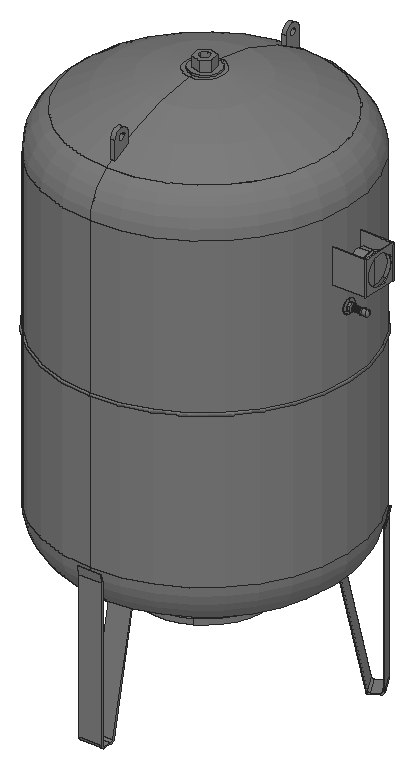
Revit family "MIT-300-ET (Vertical)", category Specialty Equipment, Revit 2022
Family settings
  Round Connector Dimension = Use Diameter
  Part Type = Normal
  Work Plane-Based = No
  Always vertical = Yes
  Cut with Voids When Loaded = No
  Maintain Annotation Orientation = No
  Shared = No
  Room Calculation Point = No
Parameters
  URL = "https://en.ekinendustriyel.com/expansion-tanks"
  Test Pressure = 15.0 bar
  Production Standard = "TS EN 13831"
  Precharge Pressure = 4.0 bar
  Operating Pressure = 10.0 bar
  Model = "MIT-300-ET_(Vertical)"
  Manufacturer = "Ekin Endüstriyel"
  Keynote = "Expension Tank"
  Description = "MIT-Expension Tank"
  Default Elevation = 0 mm
Reference planes
  plane 1 "Center (Front/Back)": y = 0
  plane 2: z = 0
  plane 3 "Center (Left/Right)": x = 0
Forms (mm)
  Revolve 1, solid, material "Ekin Endustriyel-S235JR", detail levels medium+fine
    sketch origin (0, -6556.149, 0) x (0, 1, 0) y (0, 0, 1)
      loop
        line (6556.149, 1204.993) -> (6556.149, 1203.168) -> (6603.573, 1203.168)
        arc (6603.573, 1203.168) -> (6719.67, 1176.286) -> (6826.655, 1123.795) r 522.462
        arc (6826.655, 1123.795) -> (6857.454, 1092.556) -> (6871.842, 1051.114) r 99.588
        line (6871.842, 1051.114) -> (6871.842, 340.267)
        arc (6871.842, 340.267) -> (6857.568, 299.058) -> (6827.023, 267.93) r 99.369
        arc (6827.023, 267.93) -> (6746.92, 225.626) -> (6660.663, 197.953) r 516.999
        arc (6660.663, 197.953) -> (6651.851, 191.649) -> (6642.458, 186.249) r 109.367
        line (6642.458, 186.249) -> (6556.149, 186.249) -> (6556.149, 184.392) -> (6643.149, 184.392)
        arc (6643.149, 184.392) -> (6653.737, 190.332) -> (6663.61, 197.397) r 110.567
        arc (6663.61, 197.397) -> (6748.653, 225.055) -> (6827.674, 266.922) r 518.199
        arc (6827.674, 266.922) -> (6861.424, 303.303) -> (6873.667, 351.394) r 100.569
        line (6873.667, 351.394) -> (6873.667, 692.535)
        arc (6873.667, 692.535) -> (6876.671, 695.535) -> (6873.667, 698.535) r 3
        line (6873.667, 698.535) -> (6873.667, 1039.975)
        arc (6873.667, 1039.975) -> (6861.32, 1088.312) -> (6827.303, 1124.806) r 100.788
        arc (6827.303, 1124.806) -> (6717.295, 1178.396) -> (6597.853, 1204.993) r 523.662
        line (6597.853, 1204.993) -> (6556.149, 1204.993)
      axis (6556.149, 184.392) -> (6556.149, 1204.993)
    angle from 0 to 360
  Extrusion 2, solid, material "Ekin Endustriyel-S235JR", detail levels coarse
    sketch origin (-644.844, -1530.791, 218.125) x (1, 0, 0) y (0, 1, 0)
      loop
        circle (644.844, 1530.791) r 132.589
    from -44.733 to -33.733
  Revolve 3, solid, material "Ekin Endustriyel-S235JR", detail levels fine
    sketch origin (1889.764, 0.041, 138.414) x (1, 0, 0) y (0, 0, 1)
      loop
        line (-1909.516, 0.978) -> (-1909.516, 34.978) -> (-1914.607, 34.978)
        arc (-1914.607, 34.978) -> (-1913.916, 34.553) -> (-1913.765, 33.756) r 1.003
        line (-1913.765, 33.756) -> (-1912.65, 32.85) -> (-1913.876, 31.854) -> (-1912.65, 30.858) -> (-1913.876, 29.861) -> (-1912.65, 28.865) -> (-1913.876, 27.869) -> (-1912.65, 26.873) -> (-1913.876, 25.876) -> (-1912.65, 24.88) -> (-1913.876, 23.884) -> (-1912.65, 22.888) -> (-1913.876, 21.892) -> (-1912.65, 20.895) -> (-1913.876, 19.899) -> (-1912.65, 18.903) -> (-1913.876, 17.907) -> (-1912.65, 16.91) -> (-1913.876, 15.914) -> (-1912.65, 14.918) -> (-1913.876, 13.922) -> (-1912.65, 12.926) -> (-1913.876, 11.929) -> (-1912.65, 10.933) -> (-1913.876, 9.937) -> (-1912.65, 8.941) -> (-1913.876, 7.944) -> (-1912.65, 6.948) -> (-1913.876, 5.952) -> (-1912.65, 4.956) -> (-1913.876, 3.96) -> (-1912.65, 2.963) -> (-1913.876, 1.967) -> (-1912.658, 0.978) -> (-1909.516, 0.978)
      axis (-1890, 34.978) -> (-1890, 0.978)
    angle from 0 to 360
  Extrusion 4, solid, material "Ekin Endustriyel-S235JR", detail levels fine
    sketch origin (-644.844, -1530.791, 249.125) x (0, 1, 0) y (1, 0, 0)
      loop
        line (1631.195, 593.634) -> (1625.356, 598.196) -> (1618.486, 595.42) -> (1617.455, 588.083) -> (1623.294, 583.521) -> (1630.164, 586.297) -> (1631.195, 593.634)
      loop
        line (1536.644, 532.287) -> (1537.675, 539.624) -> (1531.836, 544.186) -> (1524.966, 541.41) -> (1523.935, 534.073) -> (1529.774, 529.511) -> (1536.644, 532.287)
      loop
        line (1430.387, 696.054) -> (1436.226, 691.492) -> (1443.096, 694.267) -> (1444.127, 701.605) -> (1438.288, 706.167) -> (1431.418, 703.391) -> (1430.387, 696.054)
      loop
        line (1524.938, 757.401) -> (1523.907, 750.064) -> (1529.745, 745.502) -> (1536.615, 748.278) -> (1537.647, 755.615) -> (1531.808, 760.177) -> (1524.938, 757.401)
      loop
        line (1436.24, 583.496) -> (1443.11, 586.272) -> (1444.141, 593.61) -> (1438.302, 598.171) -> (1431.432, 595.396) -> (1430.401, 588.058) -> (1436.24, 583.496)
      loop
        line (1625.342, 706.191) -> (1618.472, 703.416) -> (1617.441, 696.078) -> (1623.279, 691.517) -> (1630.149, 694.292) -> (1631.181, 701.63) -> (1625.342, 706.191)
    from 75.733 to 80.849
  Extrusion 5, solid, material "Ekin Endustriyel-S235JR", detail levels fine
    sketch origin (-644.844, -1530.791, 211.633) x (1, 0, 0) y (0, 1, 0)
      loop
        circle (590.707, 1624.56) r 4
      loop
        circle (536.569, 1530.791) r 4
      loop
        circle (590.707, 1437.022) r 4
      loop
        circle (698.981, 1437.022) r 4
      loop
        circle (753.119, 1530.791) r 4
      loop
        circle (698.981, 1624.56) r 4
    from -23.193 to -38.241
  Extrusion 6, solid, material "Ekin Endustriyel-S235JR", detail levels medium
    sketch origin (1329.764, -1405.316, 169.414) x (0, 1, 0) y (1, 0, 0)
      loop
        circle (1405.357, -1330) r 24.607
      loop
        circle (1405.357, -1330) r 19.516
    from 30.022 to -3.978
  Extrusion 7, solid, material "Ekin Endustriyel-S235JR", detail levels coarse
    sketch origin (1329.764, -1405.316, 169.414) x (0, 1, 0) y (1, 0, 0)
      loop
        arc (1380.75, -1330) -> (1392.855, -1351.194) -> (1417.261, -1351.537) r 24.607
        arc (1417.261, -1351.537) -> (1417.859, -1308.806) -> (1380.75, -1330) r 24.607
    from -3.978 to 30.022
  Extrusion 8, solid, material "Ekin Endustriyel-S235JR", detail levels medium+fine
    sketch origin (-644.844, -2335.791, 249.125) x (0, 1, 0) y (1, 0, 0)
      loop
        circle (2335.791, 644.844) r 132.589
      loop
        circle (2242.056, 698.962) r 4
      loop
        circle (2335.791, 753.079) r 4
      loop
        circle (2429.526, 698.962) r 4
      loop
        circle (2429.526, 590.726) r 4
      loop
        circle (2335.791, 536.608) r 4
      loop
        circle (2242.056, 590.726) r 4
    from 75.733 to 64.559
  Extrusion 9, solid, material "Ekin Endustriyel-S235JR", detail levels coarse
    sketch origin (1795.392, -6531.149, 42.174) x (0, 1, 0) y (-1, 0, 0)
      loop
        circle (6531.149, 1795.392) r 320
    from 142.217 to 1162.819
  Extrusion 10, solid, material "Ekin Endustriyel-S235JR", detail levels fine
    sketch origin (0.852, -3486.149, 0) x (0, 1, 0) y (0, 0, 1)
      loop
        line (3741.121, 1134.517) -> (3741.121, 1174.516)
        arc (3741.121, 1174.516) -> (3723.605, 1192.031) -> (3706.09, 1174.516) r 17.516
        line (3706.09, 1174.516) -> (3706.09, 1153.451)
        arc (3706.09, 1153.451) -> (3723.872, 1144.478) -> (3741.121, 1134.517) r 353.637
      loop
        circle (3723.527, 1174.516) r 8
      loop
        arc (3231.176, 1134.517) -> (3248.425, 1144.478) -> (3266.208, 1153.451) r 353.637
        line (3266.208, 1153.451) -> (3266.208, 1174.516)
        arc (3266.208, 1174.516) -> (3248.692, 1192.031) -> (3231.176, 1174.516) r 17.516
        line (3231.176, 1174.516) -> (3231.176, 1134.517)
      loop
        circle (3248.77, 1174.516) r 8
    from -5.669 to 3.965
  Extrusion 11, solid, material "Ekin Endustriyel-S235JR", detail levels medium+fine
    sketch origin (3869.844, -4745.827, 1207.812) x (0, 1, 0) y (-1, 0, 0)
      loop
        circle (4745.469, 3869.844) r 11
      loop
        line (4730.56, 3886.032) -> (4723.995, 3865.027) -> (4738.903, 3848.838) -> (4760.377, 3853.655) -> (4766.943, 3874.661) -> (4752.034, 3890.849) -> (4730.56, 3886.032)
    from 0.181 to 23
  Extrusion 12, solid, material "Ekin Endustriyel-S235JR", detail levels coarse
    sketch origin (3869.844, -4745.827, 1207.812) x (0, 1, 0) y (-1, 0, 0)
      loop
        line (4730.56, 3886.032) -> (4723.995, 3865.027) -> (4738.903, 3848.838) -> (4760.377, 3853.655) -> (4766.943, 3874.661) -> (4752.034, 3890.849) -> (4730.56, 3886.032)
    from -2.819 to 23
  Extrusion 13, solid, material "Ekin Endustriyel-S235JR", detail levels medium+fine
    sketch origin (2.097, -20.931, 0) x (-0.866025, 0.5, 0) y (0, 0, 1)
      loop
        line (330.282, 330.355) -> (333.717, 348.024) -> (331.753, 348.406) -> (328.282, 330.547) -> (328.282, 7)
        arc (328.282, 7) -> (326.818, 3.464) -> (323.282, 2) r 5
        line (323.282, 2) -> (303.951, 2)
        arc (303.951, 2) -> (300.804, 3.114) -> (299.06, 5.96) r 5
        line (299.06, 5.96) -> (248.212, 245.183) -> (246.255, 244.767) -> (297.108, 5.523)
        arc (297.108, 5.523) -> (299.54, 1.554) -> (303.929, 0) r 6.973
        line (303.929, 0) -> (323.325, 0)
        arc (323.325, 0) -> (328.244, 2.038) -> (330.282, 6.957) r 6.957
        line (330.282, 6.957) -> (330.282, 330.355)
    from -7.922 to 42.078
  Extrusion 14, solid, material "Ekin Endustriyel-S235JR", detail levels medium+fine
    sketch origin (2.097, -20.931, 0) x (0, -1, 0) y (0, 0, 1)
      loop
        line (300.503, 348.024) -> (298.54, 348.406) -> (295.069, 330.547) -> (295.069, 7)
        arc (295.069, 7) -> (293.604, 3.464) -> (290.069, 2) r 5
        line (290.069, 2) -> (270.737, 2)
        arc (270.737, 2) -> (267.591, 3.114) -> (265.847, 5.96) r 5
        line (265.847, 5.96) -> (214.998, 245.183) -> (213.042, 244.767) -> (263.895, 5.523)
        arc (263.895, 5.523) -> (266.327, 1.554) -> (270.716, 0) r 6.973
        line (270.716, 0) -> (290.112, 0)
        arc (290.112, 0) -> (295.031, 2.038) -> (297.069, 6.957) r 6.957
        line (297.069, 6.957) -> (297.069, 330.355) -> (300.503, 348.024)
    from -23.363 to 26.635
  Extrusion 15, solid, material "Ekin Endustriyel-S235JR", detail levels medium+fine
    sketch origin (2.097, -20.931, 0) x (0.866025, 0.5, 0) y (0, 0, 1)
      loop
        line (330.084, 348.024) -> (328.12, 348.406) -> (324.649, 330.547) -> (324.649, 7)
        arc (324.649, 7) -> (323.185, 3.464) -> (319.649, 2) r 5
        line (319.649, 2) -> (300.318, 2)
        arc (300.318, 2) -> (297.171, 3.114) -> (295.427, 5.96) r 5
        line (295.427, 5.96) -> (244.579, 245.183) -> (242.622, 244.767) -> (293.475, 5.523)
        arc (293.475, 5.523) -> (295.908, 1.554) -> (300.296, 0) r 6.973
        line (300.296, 0) -> (319.692, 0)
        arc (319.692, 0) -> (324.612, 2.038) -> (326.649, 6.957) r 6.957
        line (326.649, 6.957) -> (326.649, 330.355) -> (330.084, 348.024)
    from -44.176 to 5.824
  Extrusion 16, solid, material "Ekin Endustriyel-S235JR", detail levels coarse
    sketch origin (2.097, -20.931, 0) x (-0.866025, 0.5, 0) y (0, 0, 1)
      loop
        line (330.282, 184.392) -> (259.088, 184.392) -> (297.108, 5.523)
        arc (297.108, 5.523) -> (299.54, 1.554) -> (303.929, 0) r 6.973
        line (303.929, 0) -> (323.325, 0)
        arc (323.325, 0) -> (328.244, 2.038) -> (330.282, 6.957) r 6.957
        line (330.282, 6.957) -> (330.282, 184.392)
    from -7.922 to 42.078
  Extrusion 17, solid, material "Ekin Endustriyel-S235JR", detail levels coarse
    sketch origin (2.097, -20.931, 0) x (0, -1, 0) y (0, 0, 1)
      loop
        line (297.069, 184.392) -> (225.875, 184.392) -> (263.895, 5.523)
        arc (263.895, 5.523) -> (266.327, 1.554) -> (270.716, 0) r 6.973
        line (270.716, 0) -> (290.112, 0)
        arc (290.112, 0) -> (295.031, 2.038) -> (297.069, 6.957) r 6.957
        line (297.069, 6.957) -> (297.069, 184.392)
    from -23.363 to 26.635
  Extrusion 18, solid, material "Ekin Endustriyel-S235JR", detail levels coarse
    sketch origin (2.097, -20.931, 0) x (0.866025, 0.5, 0) y (0, 0, 1)
      loop
        line (326.649, 184.392) -> (255.455, 184.392) -> (293.475, 5.523)
        arc (293.475, 5.523) -> (295.908, 1.554) -> (300.296, 0) r 6.973
        line (300.296, 0) -> (319.692, 0)
        arc (319.692, 0) -> (324.612, 2.038) -> (326.649, 6.957) r 6.957
        line (326.649, 6.957) -> (326.649, 184.392)
    from -44.176 to 5.824
  Extrusion 19, solid, material "Ekin Endustriyel-S235JR", detail levels medium+fine
    sketch origin (3869.844, -4745.827, 1207.812) x (0, 1, 0) y (-1, 0, 0)
      loop
        circle (4745.827, 3869.844) r 32.5
    from -2.819 to 0.181
  Extrusion 20, solid, material "Ekin Endustriyel-S235JR", detail levels coarse
    sketch origin (88.355, -0.358, 134.597) x (1, 0, 0) y (0, 1, 0)
      loop
        line (226.508, -39.142) -> (298.922, -39.142) -> (298.922, 39.858) -> (226.683, 39.858)
        arc (226.683, 39.858) -> (229.034, 19.99) -> (229.819, 0) r 254.819
        arc (229.819, 0) -> (228.99, -19.641) -> (226.508, -39.142) r 233
    from 767.5 to 842.5
  Extrusion 21, solid, material "Ekin Endustriyel-S235JR", detail levels medium+fine
    sketch origin (88.355, -0.358, 134.597) x (1, 0, 0) y (0, 1, 0)
      loop
        line (296.322, 39.858) -> (226.683, 39.858)
        arc (226.683, 39.858) -> (226.839, 38.858) -> (226.992, 37.858) r 254.819
        line (226.992, 37.858) -> (296.322, 37.858)
        arc (296.322, 37.858) -> (296.747, 37.682) -> (296.922, 37.258) r 0.6
        line (296.922, 37.258) -> (296.922, -36.542)
        arc (296.922, -36.542) -> (296.747, -36.967) -> (296.322, -37.142) r 0.6
        line (296.322, -37.142) -> (227.098, -37.142)
        arc (227.098, -37.142) -> (226.949, -38.143) -> (226.795, -39.142) r 254.819
        line (226.795, -39.142) -> (296.322, -39.142)
        arc (296.322, -39.142) -> (298.161, -38.381) -> (298.922, -36.542) r 2.6
        line (298.922, -36.542) -> (298.922, 37.258)
        arc (298.922, 37.258) -> (298.161, 39.096) -> (296.322, 39.858) r 2.6
    from 767.5 to 842.5
  Extrusion 22, void
    sketch origin (387.278, -36.9, 134.597) x (0, 1, 0) y (0, 0, 1)
      loop
        circle (36.9, 805) r 32.5
    from -2 to 0
  Revolve 23, solid, material "Ekin Endustriyel-S235JR", detail levels fine
    sketch origin (88.355, -0.358, 134.597) x (1, 0, 0) y (0, 0, 1)
      loop
        line (230, 811.5) -> (230, 805) -> (288.499, 805) -> (288.499, 837.415) -> (283.499, 837.415) -> (283.499, 835.016) -> (279.483, 835.016)
        arc (279.483, 835.016) -> (278.774, 834.723) -> (278.48, 834.013) r 1.003
        line (278.48, 834.013) -> (253.48, 834.013) -> (253.48, 815.002) -> (252.5, 815.002)
        arc (252.5, 815.002) -> (252.139, 814.657) -> (252, 814.178) r 0.964
        line (252, 814.178) -> (252, 812.305) -> (245, 812.305) -> (245, 811.5) -> (230, 811.5)
      axis (230, 805) -> (288.499, 805)
    angle from 0 to 360
  Revolve 24, solid, material "Ekin Endustriyel-S235JR", detail levels fine
    sketch origin (88.102, -0.358, 39.413) x (1, 0, 0) y (0, 0, 1)
      loop
        line (229.96, 805) -> (275.561, 805)
        arc (275.561, 805) -> (274.758, 808.458) -> (272.513, 811.208) r 7.847
        line (272.513, 811.208) -> (261.504, 811.208) -> (261.504, 812.005) -> (260.479, 812.005) -> (260.479, 810.108) -> (259.639, 809.269) -> (258.962, 809.946) -> (258.285, 809.269) -> (257.608, 809.946) -> (256.931, 809.269) -> (256.254, 809.946) -> (255.577, 809.269) -> (254.899, 809.946) -> (254.222, 809.269) -> (253.545, 809.946) -> (252.868, 809.269) -> (252.191, 809.946) -> (251.514, 809.269) -> (250.837, 809.946) -> (250.16, 809.269) -> (249.483, 809.946) -> (248.806, 809.269) -> (248.128, 809.946) -> (247.451, 809.269) -> (246.774, 809.946) -> (246.097, 809.269) -> (245.42, 809.946) -> (244.743, 809.269) -> (244.066, 809.946) -> (243.389, 809.269) -> (242.712, 809.946) -> (242.035, 809.269) -> (241.357, 809.946) -> (240.68, 809.269) -> (240.003, 809.946) -> (239.326, 809.269) -> (238.649, 809.946) -> (237.972, 809.269) -> (237.295, 809.946) -> (236.618, 809.269) -> (235.941, 809.946) -> (235.264, 809.269) -> (234.586, 809.946) -> (233.909, 809.269) -> (233.232, 809.946) -> (232.555, 809.269) -> (232.001, 809.823) -> (232.001, 814.435) -> (232.001, 819.99) -> (229.96, 819.99) -> (229.96, 805)
      axis (229.96, 805) -> (275.561, 805)
    angle from 0 to 360
  Extrusion 25, solid, material "Ekin Endustriyel-S235JR", detail levels fine
    sketch origin (88.102, -0.358, 121.21) x (0, 1, 0) y (0, 0, 1)
      loop
        line (0.348, 732.628) -> (-7.805, 727.921) -> (-7.805, 718.507) -> (0.348, 713.8) -> (8.5, 718.507) -> (8.5, 727.921) -> (0.348, 732.628)
    from 232.001 to 240.003
Cuts and joins
  joined: Extrusion 4, Extrusion 5
  Extrusion 22 cuts Extrusion 21
Dimensions and locks
  aligned and locked: level to plane 2
Connectors
  piping at (-0.236, 0.041, 139.392), diameter 25.4
    settings: on Extrusion 6, index 1, connector inside diameter 609.6 mm, connector length 0 mm, flow factor 0, pipe flow 0.0 L/s, pressure drop 0.0 Pa, fitting loss kfactor 0, connector angle 0.00°, fixture units 0, engagement length 0 mm, angle of deflection 0.00°, flow configuration 0, flow direction 0, fitting loss method 0, system type 7, joint type 0, gender type 0, connector reference index -1, connector utility 0, adjustable connector no, is connector primary yes, connector description ""
